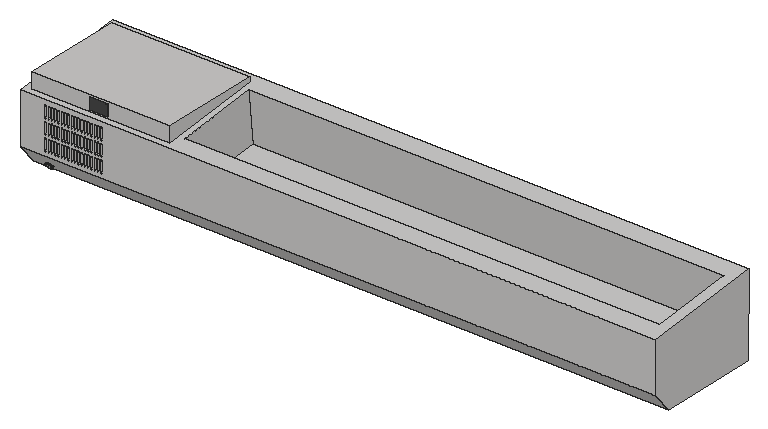
Revit family "QF_ELECTROLUXPROFESSIONAL_291215_ZVR1930H", category Specialty Equipment, Revit 2018
Family settings
  Round Connector Dimension = Use Diameter
  Part Type = Normal
  Work Plane-Based = No
  Always vertical = Yes
  Cut with Voids When Loaded = No
  Shared = No
  Room Calculation Point = No
Parameters (values of type "Standard")
  Weight = 44.00 kg
  Watts = 0 W
  Volts = 220 V
  URL Manufacturer = "http://professional.electrolux.com"
  URL = "http://professional.electrolux.com"
  Steam Supply Size = 0 mm
  Steam Supply Minimum Pressure = 0.0 Pa
  Steam Supply Maximum Pressure = 0.0 Pa
  Steam Pounds per Hour = 0
  Show Clearence [instance] = yes
  Refrigeration Suction Line Size = 0 mm
  Refrigeration Liquid Line Size = 0 mm
  Refrigerant Compressor Remote = yes
  Manufacturer = "Electrolux Professional"
  Phase = 1
  Model = "ZVR1930H"
  Length Actual = 1930 mm  # constant formula
  Item Number = "291215"
  Hot Water Size = 0 mm
  Height Actual = 250 mm  # constant formula
  HP = "0.3 HP"
  Gas Size = 0 mm
  Gas KW = 0
  Gas Input Pressure = 0 W
  Direct Waste Size = 0 mm
  Description = "BENCH TYPE REFRIGERATED SHOW CASE 1930MM R290"
  Depth Actual = 350 mm  # constant formula
  Cycle = 50 Hz
  Condensate Return Size = 0 mm
  Compressed Air Volume = 0.0 L/s
  Compressed Air Size = 0 mm
  Compressed Air Pressure = 0.0 Pa
  Cold Water Size = 0 mm
  Accessory = yes
Types (2, lengths in mm): name | URL | Manufacturer | Phase | Model | Description
  (no name) | 0 | 0 | 0 | 0 | 0
  Standard | "http://professional.electrolux.com" | "Electrolux Professional" | 1 | "ZVR1930H" | "BENCH TYPE REFRIGERATED SHOW CASE 1930MM R290"
Values of the unnamed type that differ from the named types
  Volts = 0 V
  URL Manufacturer = ""
  Item Number = ""
  Cycle = 0 Hz
Reference planes
  plane 1 "Front": y = 0
  plane 2: z = 0
  plane 3 "Centro (Sinistra/Destra)": x = 0
  plane 4 "LEFT": x = -870
  plane 5 "RIGHT": x = 870
  plane 6 "BACK": y = 350
  plane 7: z = 150
  plane 8: z = 800
  plane 9: z = 840
  plane 10: z = 1005
  plane 11 "Left": x = -890
  plane 12 "Right": x = 1040
  plane 13: y = -1005
  plane 14: z = 1266
  plane 15: z = 1255
  plane 16: y = 50
  plane 17: z = 1218
  plane 18: y = 324
  plane 19: y = 20
  plane 20: x = -452
  plane 21: x = -434
  plane 22: x = 1009
  plane 23: y = 314
  plane 24: x = -851
  plane 25: x = 1001
Forms (mm)
  Extrusion 1, solid, material "QF_Finishes_Stainless Steel"
    sketch origin (0, 0, 0) x (0, 1, 0) y (0, 0, 1)
      loop
        line (350, 1005) -> (350, 1255) -> (0, 1218) -> (0, 1064.588) -> (50, 1005) -> (350, 1005)
    from -890 to 1040
  Extrusion 2, void
    sketch origin (0, 349.805, 1254.979) x (0, 0.994459, 0.105128) y (1, 0, 0)
      loop
        line (-54.87, 1009) -> (-298.31, 1009) -> (-298.31, -434) -> (-54.87, -434) -> (-54.87, 1009)
    from 0 to 154
  Extrusion 3, solid, material "QF_Finishes_Stainless Steel"
    sketch origin (0, 0, 0) x (0, 1, 0) y (0, 0, 1)
      loop
        line (20, 1220.114) -> (324, 1252.251) -> (324, 1266) -> (20, 1266) -> (20, 1220.114)
    from -870 to -452
  Extrusion 4, solid, material "QF_Finishes_Stainless Steel"
    sketch origin (-41.117, 58.099, 995.348) x (0, -0.642788, 0.766044) y (-1, 0, 0)
      loop
        circle (32.613, 788.883) r 10
    from 0 to 5
  Extrusion 5, solid, material "QF_Finishes_Black"
    sketch origin (0, 20, 1220.114) x (0, 0, 1) y (-1, 0, 0)
      loop
        line (40.886, 694.5) -> (5.979, 694.5) -> (5.979, 639.5) -> (40.886, 639.5) -> (40.886, 694.5)
    from 0 to 2
  Extrusion 6, void
    sketch origin (0, 0, 1234.854) x (0, 0, 1) y (1, 0, 0)
      loop
        arc (-32.985, -814.899) -> (-29.86, -811.774) -> (-32.985, -808.649) r 3.125
        line (-32.985, -808.649) -> (-62.985, -808.649)
        arc (-62.985, -808.649) -> (-66.11, -811.774) -> (-62.985, -814.899) r 3.125
        line (-62.985, -814.899) -> (-32.985, -814.899)
      loop
        arc (-77.985, -814.899) -> (-74.86, -811.774) -> (-77.985, -808.649) r 3.125
        line (-77.985, -808.649) -> (-107.985, -808.649)
        arc (-107.985, -808.649) -> (-111.11, -811.774) -> (-107.985, -814.899) r 3.125
        line (-107.985, -814.899) -> (-77.985, -814.899)
      loop
        arc (-122.985, -814.899) -> (-119.86, -811.774) -> (-122.985, -808.649) r 3.125
        line (-122.985, -808.649) -> (-152.985, -808.649)
        arc (-152.985, -808.649) -> (-156.11, -811.774) -> (-152.985, -814.899) r 3.125
        line (-152.985, -814.899) -> (-122.985, -814.899)
      loop
        arc (-32.985, -804.899) -> (-29.86, -801.774) -> (-32.985, -798.649) r 3.125
        line (-32.985, -798.649) -> (-62.985, -798.649)
        arc (-62.985, -798.649) -> (-66.11, -801.774) -> (-62.985, -804.899) r 3.125
        line (-62.985, -804.899) -> (-32.985, -804.899)
      loop
        arc (-77.985, -804.899) -> (-74.86, -801.774) -> (-77.985, -798.649) r 3.125
        line (-77.985, -798.649) -> (-107.985, -798.649)
        arc (-107.985, -798.649) -> (-111.11, -801.774) -> (-107.985, -804.899) r 3.125
        line (-107.985, -804.899) -> (-77.985, -804.899)
      loop
        arc (-122.985, -804.899) -> (-119.86, -801.774) -> (-122.985, -798.649) r 3.125
        line (-122.985, -798.649) -> (-152.985, -798.649)
        arc (-152.985, -798.649) -> (-156.11, -801.774) -> (-152.985, -804.899) r 3.125
        line (-152.985, -804.899) -> (-122.985, -804.899)
      loop
        arc (-32.985, -794.899) -> (-29.86, -791.774) -> (-32.985, -788.649) r 3.125
        line (-32.985, -788.649) -> (-62.985, -788.649)
        arc (-62.985, -788.649) -> (-66.11, -791.774) -> (-62.985, -794.899) r 3.125
        line (-62.985, -794.899) -> (-32.985, -794.899)
      loop
        arc (-77.985, -794.899) -> (-74.86, -791.774) -> (-77.985, -788.649) r 3.125
        line (-77.985, -788.649) -> (-107.985, -788.649)
        arc (-107.985, -788.649) -> (-111.11, -791.774) -> (-107.985, -794.899) r 3.125
        line (-107.985, -794.899) -> (-77.985, -794.899)
      loop
        arc (-122.985, -794.899) -> (-119.86, -791.774) -> (-122.985, -788.649) r 3.125
        line (-122.985, -788.649) -> (-152.985, -788.649)
        arc (-152.985, -788.649) -> (-156.11, -791.774) -> (-152.985, -794.899) r 3.125
        line (-152.985, -794.899) -> (-122.985, -794.899)
      loop
        arc (-32.985, -784.899) -> (-29.86, -781.774) -> (-32.985, -778.649) r 3.125
        line (-32.985, -778.649) -> (-62.985, -778.649)
        arc (-62.985, -778.649) -> (-66.11, -781.774) -> (-62.985, -784.899) r 3.125
        line (-62.985, -784.899) -> (-32.985, -784.899)
      loop
        arc (-77.985, -784.899) -> (-74.86, -781.774) -> (-77.985, -778.649) r 3.125
        line (-77.985, -778.649) -> (-107.985, -778.649)
        arc (-107.985, -778.649) -> (-111.11, -781.774) -> (-107.985, -784.899) r 3.125
        line (-107.985, -784.899) -> (-77.985, -784.899)
      loop
        arc (-122.985, -784.899) -> (-119.86, -781.774) -> (-122.985, -778.649) r 3.125
        line (-122.985, -778.649) -> (-152.985, -778.649)
        arc (-152.985, -778.649) -> (-156.11, -781.774) -> (-152.985, -784.899) r 3.125
        line (-152.985, -784.899) -> (-122.985, -784.899)
      loop
        arc (-32.985, -774.899) -> (-29.86, -771.774) -> (-32.985, -768.649) r 3.125
        line (-32.985, -768.649) -> (-62.985, -768.649)
        arc (-62.985, -768.649) -> (-66.11, -771.774) -> (-62.985, -774.899) r 3.125
        line (-62.985, -774.899) -> (-32.985, -774.899)
      loop
        arc (-77.985, -774.899) -> (-74.86, -771.774) -> (-77.985, -768.649) r 3.125
        line (-77.985, -768.649) -> (-107.985, -768.649)
        arc (-107.985, -768.649) -> (-111.11, -771.774) -> (-107.985, -774.899) r 3.125
        line (-107.985, -774.899) -> (-77.985, -774.899)
      loop
        arc (-122.985, -774.899) -> (-119.86, -771.774) -> (-122.985, -768.649) r 3.125
        line (-122.985, -768.649) -> (-152.985, -768.649)
        arc (-152.985, -768.649) -> (-156.11, -771.774) -> (-152.985, -774.899) r 3.125
        line (-152.985, -774.899) -> (-122.985, -774.899)
      loop
        arc (-32.985, -764.899) -> (-29.86, -761.774) -> (-32.985, -758.649) r 3.125
        line (-32.985, -758.649) -> (-62.985, -758.649)
        arc (-62.985, -758.649) -> (-66.11, -761.774) -> (-62.985, -764.899) r 3.125
        line (-62.985, -764.899) -> (-32.985, -764.899)
      loop
        arc (-77.985, -764.899) -> (-74.86, -761.774) -> (-77.985, -758.649) r 3.125
        line (-77.985, -758.649) -> (-107.985, -758.649)
        arc (-107.985, -758.649) -> (-111.11, -761.774) -> (-107.985, -764.899) r 3.125
        line (-107.985, -764.899) -> (-77.985, -764.899)
      loop
        arc (-122.985, -764.899) -> (-119.86, -761.774) -> (-122.985, -758.649) r 3.125
        line (-122.985, -758.649) -> (-152.985, -758.649)
        arc (-152.985, -758.649) -> (-156.11, -761.774) -> (-152.985, -764.899) r 3.125
        line (-152.985, -764.899) -> (-122.985, -764.899)
      loop
        arc (-32.985, -754.899) -> (-29.86, -751.774) -> (-32.985, -748.649) r 3.125
        line (-32.985, -748.649) -> (-62.985, -748.649)
        arc (-62.985, -748.649) -> (-66.11, -751.774) -> (-62.985, -754.899) r 3.125
        line (-62.985, -754.899) -> (-32.985, -754.899)
      loop
        arc (-77.985, -754.899) -> (-74.86, -751.774) -> (-77.985, -748.649) r 3.125
        line (-77.985, -748.649) -> (-107.985, -748.649)
        arc (-107.985, -748.649) -> (-111.11, -751.774) -> (-107.985, -754.899) r 3.125
        line (-107.985, -754.899) -> (-77.985, -754.899)
      loop
        arc (-122.985, -754.899) -> (-119.86, -751.774) -> (-122.985, -748.649) r 3.125
        line (-122.985, -748.649) -> (-152.985, -748.649)
        arc (-152.985, -748.649) -> (-156.11, -751.774) -> (-152.985, -754.899) r 3.125
        line (-152.985, -754.899) -> (-122.985, -754.899)
      loop
        arc (-32.985, -744.899) -> (-29.86, -741.774) -> (-32.985, -738.649) r 3.125
        line (-32.985, -738.649) -> (-62.985, -738.649)
        arc (-62.985, -738.649) -> (-66.11, -741.774) -> (-62.985, -744.899) r 3.125
        line (-62.985, -744.899) -> (-32.985, -744.899)
      loop
        arc (-77.985, -744.899) -> (-74.86, -741.774) -> (-77.985, -738.649) r 3.125
        line (-77.985, -738.649) -> (-107.985, -738.649)
        arc (-107.985, -738.649) -> (-111.11, -741.774) -> (-107.985, -744.899) r 3.125
        line (-107.985, -744.899) -> (-77.985, -744.899)
      loop
        arc (-122.985, -744.899) -> (-119.86, -741.774) -> (-122.985, -738.649) r 3.125
        line (-122.985, -738.649) -> (-152.985, -738.649)
        arc (-152.985, -738.649) -> (-156.11, -741.774) -> (-152.985, -744.899) r 3.125
        line (-152.985, -744.899) -> (-122.985, -744.899)
      loop
        arc (-32.985, -734.899) -> (-29.86, -731.774) -> (-32.985, -728.649) r 3.125
        line (-32.985, -728.649) -> (-62.985, -728.649)
        arc (-62.985, -728.649) -> (-66.11, -731.774) -> (-62.985, -734.899) r 3.125
        line (-62.985, -734.899) -> (-32.985, -734.899)
      loop
        arc (-77.985, -734.899) -> (-74.86, -731.774) -> (-77.985, -728.649) r 3.125
        line (-77.985, -728.649) -> (-107.985, -728.649)
        arc (-107.985, -728.649) -> (-111.11, -731.774) -> (-107.985, -734.899) r 3.125
        line (-107.985, -734.899) -> (-77.985, -734.899)
      loop
        arc (-122.985, -734.899) -> (-119.86, -731.774) -> (-122.985, -728.649) r 3.125
        line (-122.985, -728.649) -> (-152.985, -728.649)
        arc (-152.985, -728.649) -> (-156.11, -731.774) -> (-152.985, -734.899) r 3.125
        line (-152.985, -734.899) -> (-122.985, -734.899)
      loop
        arc (-32.985, -724.899) -> (-29.86, -721.774) -> (-32.985, -718.649) r 3.125
        line (-32.985, -718.649) -> (-62.985, -718.649)
        arc (-62.985, -718.649) -> (-66.11, -721.774) -> (-62.985, -724.899) r 3.125
        line (-62.985, -724.899) -> (-32.985, -724.899)
      loop
        arc (-77.985, -724.899) -> (-74.86, -721.774) -> (-77.985, -718.649) r 3.125
        line (-77.985, -718.649) -> (-107.985, -718.649)
        arc (-107.985, -718.649) -> (-111.11, -721.774) -> (-107.985, -724.899) r 3.125
        line (-107.985, -724.899) -> (-77.985, -724.899)
      loop
        arc (-122.985, -724.899) -> (-119.86, -721.774) -> (-122.985, -718.649) r 3.125
        line (-122.985, -718.649) -> (-152.985, -718.649)
        arc (-152.985, -718.649) -> (-156.11, -721.774) -> (-152.985, -724.899) r 3.125
        line (-152.985, -724.899) -> (-122.985, -724.899)
      loop
        arc (-32.985, -714.899) -> (-29.86, -711.774) -> (-32.985, -708.649) r 3.125
        line (-32.985, -708.649) -> (-62.985, -708.649)
        arc (-62.985, -708.649) -> (-66.11, -711.774) -> (-62.985, -714.899) r 3.125
        line (-62.985, -714.899) -> (-32.985, -714.899)
      loop
        arc (-77.985, -714.899) -> (-74.86, -711.774) -> (-77.985, -708.649) r 3.125
        line (-77.985, -708.649) -> (-107.985, -708.649)
        arc (-107.985, -708.649) -> (-111.11, -711.774) -> (-107.985, -714.899) r 3.125
        line (-107.985, -714.899) -> (-77.985, -714.899)
      loop
        arc (-122.985, -714.899) -> (-119.86, -711.774) -> (-122.985, -708.649) r 3.125
        line (-122.985, -708.649) -> (-152.985, -708.649)
        arc (-152.985, -708.649) -> (-156.11, -711.774) -> (-152.985, -714.899) r 3.125
        line (-152.985, -714.899) -> (-122.985, -714.899)
      loop
        arc (-32.985, -704.899) -> (-29.86, -701.774) -> (-32.985, -698.649) r 3.125
        line (-32.985, -698.649) -> (-62.985, -698.649)
        arc (-62.985, -698.649) -> (-66.11, -701.774) -> (-62.985, -704.899) r 3.125
        line (-62.985, -704.899) -> (-32.985, -704.899)
      loop
        arc (-77.985, -704.899) -> (-74.86, -701.774) -> (-77.985, -698.649) r 3.125
        line (-77.985, -698.649) -> (-107.985, -698.649)
        arc (-107.985, -698.649) -> (-111.11, -701.774) -> (-107.985, -704.899) r 3.125
        line (-107.985, -704.899) -> (-77.985, -704.899)
      loop
        arc (-122.985, -704.899) -> (-119.86, -701.774) -> (-122.985, -698.649) r 3.125
        line (-122.985, -698.649) -> (-152.985, -698.649)
        arc (-152.985, -698.649) -> (-156.11, -701.774) -> (-152.985, -704.899) r 3.125
        line (-152.985, -704.899) -> (-122.985, -704.899)
      loop
        arc (-32.985, -694.899) -> (-29.86, -691.774) -> (-32.985, -688.649) r 3.125
        line (-32.985, -688.649) -> (-62.985, -688.649)
        arc (-62.985, -688.649) -> (-66.11, -691.774) -> (-62.985, -694.899) r 3.125
        line (-62.985, -694.899) -> (-32.985, -694.899)
      loop
        arc (-77.985, -694.899) -> (-74.86, -691.774) -> (-77.985, -688.649) r 3.125
        line (-77.985, -688.649) -> (-107.985, -688.649)
        arc (-107.985, -688.649) -> (-111.11, -691.774) -> (-107.985, -694.899) r 3.125
        line (-107.985, -694.899) -> (-77.985, -694.899)
      loop
        arc (-122.985, -694.899) -> (-119.86, -691.774) -> (-122.985, -688.649) r 3.125
        line (-122.985, -688.649) -> (-152.985, -688.649)
        arc (-152.985, -688.649) -> (-156.11, -691.774) -> (-152.985, -694.899) r 3.125
        line (-152.985, -694.899) -> (-122.985, -694.899)
      loop
        arc (-32.985, -684.899) -> (-29.86, -681.774) -> (-32.985, -678.649) r 3.125
        line (-32.985, -678.649) -> (-62.985, -678.649)
        arc (-62.985, -678.649) -> (-66.11, -681.774) -> (-62.985, -684.899) r 3.125
        line (-62.985, -684.899) -> (-32.985, -684.899)
      loop
        arc (-77.985, -684.899) -> (-74.86, -681.774) -> (-77.985, -678.649) r 3.125
        line (-77.985, -678.649) -> (-107.985, -678.649)
        arc (-107.985, -678.649) -> (-111.11, -681.774) -> (-107.985, -684.899) r 3.125
        line (-107.985, -684.899) -> (-77.985, -684.899)
      loop
        arc (-122.985, -684.899) -> (-119.86, -681.774) -> (-122.985, -678.649) r 3.125
        line (-122.985, -678.649) -> (-152.985, -678.649)
        arc (-152.985, -678.649) -> (-156.11, -681.774) -> (-152.985, -684.899) r 3.125
        line (-152.985, -684.899) -> (-122.985, -684.899)
      loop
        arc (-32.985, -674.899) -> (-29.86, -671.774) -> (-32.985, -668.649) r 3.125
        line (-32.985, -668.649) -> (-62.985, -668.649)
        arc (-62.985, -668.649) -> (-66.11, -671.774) -> (-62.985, -674.899) r 3.125
        line (-62.985, -674.899) -> (-32.985, -674.899)
      loop
        arc (-77.985, -674.899) -> (-74.86, -671.774) -> (-77.985, -668.649) r 3.125
        line (-77.985, -668.649) -> (-107.985, -668.649)
        arc (-107.985, -668.649) -> (-111.11, -671.774) -> (-107.985, -674.899) r 3.125
        line (-107.985, -674.899) -> (-77.985, -674.899)
      loop
        arc (-122.985, -674.899) -> (-119.86, -671.774) -> (-122.985, -668.649) r 3.125
        line (-122.985, -668.649) -> (-152.985, -668.649)
        arc (-152.985, -668.649) -> (-156.11, -671.774) -> (-152.985, -674.899) r 3.125
        line (-152.985, -674.899) -> (-122.985, -674.899)
      loop
        arc (-32.985, -664.899) -> (-29.86, -661.774) -> (-32.985, -658.649) r 3.125
        line (-32.985, -658.649) -> (-62.985, -658.649)
        arc (-62.985, -658.649) -> (-66.11, -661.774) -> (-62.985, -664.899) r 3.125
        line (-62.985, -664.899) -> (-32.985, -664.899)
      loop
        arc (-77.985, -664.899) -> (-74.86, -661.774) -> (-77.985, -658.649) r 3.125
        line (-77.985, -658.649) -> (-107.985, -658.649)
        arc (-107.985, -658.649) -> (-111.11, -661.774) -> (-107.985, -664.899) r 3.125
        line (-107.985, -664.899) -> (-77.985, -664.899)
      loop
        arc (-122.985, -664.899) -> (-119.86, -661.774) -> (-122.985, -658.649) r 3.125
        line (-122.985, -658.649) -> (-152.985, -658.649)
        arc (-152.985, -658.649) -> (-156.11, -661.774) -> (-152.985, -664.899) r 3.125
        line (-152.985, -664.899) -> (-122.985, -664.899)
      loop
        arc (-32.985, -654.899) -> (-29.86, -651.774) -> (-32.985, -648.649) r 3.125
        line (-32.985, -648.649) -> (-62.985, -648.649)
        arc (-62.985, -648.649) -> (-66.11, -651.774) -> (-62.985, -654.899) r 3.125
        line (-62.985, -654.899) -> (-32.985, -654.899)
      loop
        arc (-77.985, -654.899) -> (-74.86, -651.774) -> (-77.985, -648.649) r 3.125
        line (-77.985, -648.649) -> (-107.985, -648.649)
        arc (-107.985, -648.649) -> (-111.11, -651.774) -> (-107.985, -654.899) r 3.125
        line (-107.985, -654.899) -> (-77.985, -654.899)
      loop
        arc (-122.985, -654.899) -> (-119.86, -651.774) -> (-122.985, -648.649) r 3.125
        line (-122.985, -648.649) -> (-152.985, -648.649)
        arc (-152.985, -648.649) -> (-156.11, -651.774) -> (-152.985, -654.899) r 3.125
        line (-152.985, -654.899) -> (-122.985, -654.899)
      loop
        arc (-32.985, -644.899) -> (-29.86, -641.774) -> (-32.985, -638.649) r 3.125
        line (-32.985, -638.649) -> (-62.985, -638.649)
        arc (-62.985, -638.649) -> (-66.11, -641.774) -> (-62.985, -644.899) r 3.125
        line (-62.985, -644.899) -> (-32.985, -644.899)
      loop
        arc (-77.985, -644.899) -> (-74.86, -641.774) -> (-77.985, -638.649) r 3.125
        line (-77.985, -638.649) -> (-107.985, -638.649)
        arc (-107.985, -638.649) -> (-111.11, -641.774) -> (-107.985, -644.899) r 3.125
        line (-107.985, -644.899) -> (-77.985, -644.899)
      loop
        arc (-122.985, -644.899) -> (-119.86, -641.774) -> (-122.985, -638.649) r 3.125
        line (-122.985, -638.649) -> (-152.985, -638.649)
        arc (-152.985, -638.649) -> (-156.11, -641.774) -> (-152.985, -644.899) r 3.125
        line (-152.985, -644.899) -> (-122.985, -644.899)
    from 0 to 5
  Extrusion 7, void
    sketch origin (-890, -490.899, 1244.854) x (0, 0, 1) y (0, -1, 0)
      loop
        arc (-22.985, -814.899) -> (-19.86, -811.774) -> (-22.985, -808.649) r 3.125
        line (-22.985, -808.649) -> (-52.985, -808.649)
        arc (-52.985, -808.649) -> (-56.11, -811.774) -> (-52.985, -814.899) r 3.125
        line (-52.985, -814.899) -> (-22.985, -814.899)
      loop
        arc (-67.985, -814.899) -> (-64.86, -811.774) -> (-67.985, -808.649) r 3.125
        line (-67.985, -808.649) -> (-97.985, -808.649)
        arc (-97.985, -808.649) -> (-101.11, -811.774) -> (-97.985, -814.899) r 3.125
        line (-97.985, -814.899) -> (-67.985, -814.899)
      loop
        arc (-112.985, -814.899) -> (-109.86, -811.774) -> (-112.985, -808.649) r 3.125
        line (-112.985, -808.649) -> (-142.985, -808.649)
        arc (-142.985, -808.649) -> (-146.11, -811.774) -> (-142.985, -814.899) r 3.125
        line (-142.985, -814.899) -> (-112.985, -814.899)
      loop
        arc (-22.985, -804.899) -> (-19.86, -801.774) -> (-22.985, -798.649) r 3.125
        line (-22.985, -798.649) -> (-52.985, -798.649)
        arc (-52.985, -798.649) -> (-56.11, -801.774) -> (-52.985, -804.899) r 3.125
        line (-52.985, -804.899) -> (-22.985, -804.899)
      loop
        arc (-67.985, -804.899) -> (-64.86, -801.774) -> (-67.985, -798.649) r 3.125
        line (-67.985, -798.649) -> (-97.985, -798.649)
        arc (-97.985, -798.649) -> (-101.11, -801.774) -> (-97.985, -804.899) r 3.125
        line (-97.985, -804.899) -> (-67.985, -804.899)
      loop
        arc (-112.985, -804.899) -> (-109.86, -801.774) -> (-112.985, -798.649) r 3.125
        line (-112.985, -798.649) -> (-142.985, -798.649)
        arc (-142.985, -798.649) -> (-146.11, -801.774) -> (-142.985, -804.899) r 3.125
        line (-142.985, -804.899) -> (-112.985, -804.899)
      loop
        arc (-22.985, -794.899) -> (-19.86, -791.774) -> (-22.985, -788.649) r 3.125
        line (-22.985, -788.649) -> (-52.985, -788.649)
        arc (-52.985, -788.649) -> (-56.11, -791.774) -> (-52.985, -794.899) r 3.125
        line (-52.985, -794.899) -> (-22.985, -794.899)
      loop
        arc (-67.985, -794.899) -> (-64.86, -791.774) -> (-67.985, -788.649) r 3.125
        line (-67.985, -788.649) -> (-97.985, -788.649)
        arc (-97.985, -788.649) -> (-101.11, -791.774) -> (-97.985, -794.899) r 3.125
        line (-97.985, -794.899) -> (-67.985, -794.899)
      loop
        arc (-112.985, -794.899) -> (-109.86, -791.774) -> (-112.985, -788.649) r 3.125
        line (-112.985, -788.649) -> (-142.985, -788.649)
        arc (-142.985, -788.649) -> (-146.11, -791.774) -> (-142.985, -794.899) r 3.125
        line (-142.985, -794.899) -> (-112.985, -794.899)
      loop
        arc (-22.985, -784.899) -> (-19.86, -781.774) -> (-22.985, -778.649) r 3.125
        line (-22.985, -778.649) -> (-52.985, -778.649)
        arc (-52.985, -778.649) -> (-56.11, -781.774) -> (-52.985, -784.899) r 3.125
        line (-52.985, -784.899) -> (-22.985, -784.899)
      loop
        arc (-67.985, -784.899) -> (-64.86, -781.774) -> (-67.985, -778.649) r 3.125
        line (-67.985, -778.649) -> (-97.985, -778.649)
        arc (-97.985, -778.649) -> (-101.11, -781.774) -> (-97.985, -784.899) r 3.125
        line (-97.985, -784.899) -> (-67.985, -784.899)
      loop
        arc (-112.985, -784.899) -> (-109.86, -781.774) -> (-112.985, -778.649) r 3.125
        line (-112.985, -778.649) -> (-142.985, -778.649)
        arc (-142.985, -778.649) -> (-146.11, -781.774) -> (-142.985, -784.899) r 3.125
        line (-142.985, -784.899) -> (-112.985, -784.899)
      loop
        arc (-22.985, -774.899) -> (-19.86, -771.774) -> (-22.985, -768.649) r 3.125
        line (-22.985, -768.649) -> (-52.985, -768.649)
        arc (-52.985, -768.649) -> (-56.11, -771.774) -> (-52.985, -774.899) r 3.125
        line (-52.985, -774.899) -> (-22.985, -774.899)
      loop
        arc (-67.985, -774.899) -> (-64.86, -771.774) -> (-67.985, -768.649) r 3.125
        line (-67.985, -768.649) -> (-97.985, -768.649)
        arc (-97.985, -768.649) -> (-101.11, -771.774) -> (-97.985, -774.899) r 3.125
        line (-97.985, -774.899) -> (-67.985, -774.899)
      loop
        arc (-112.985, -774.899) -> (-109.86, -771.774) -> (-112.985, -768.649) r 3.125
        line (-112.985, -768.649) -> (-142.985, -768.649)
        arc (-142.985, -768.649) -> (-146.11, -771.774) -> (-142.985, -774.899) r 3.125
        line (-142.985, -774.899) -> (-112.985, -774.899)
      loop
        arc (-67.985, -764.899) -> (-64.86, -761.774) -> (-67.985, -758.649) r 3.125
        line (-67.985, -758.649) -> (-97.985, -758.649)
        arc (-97.985, -758.649) -> (-101.11, -761.774) -> (-97.985, -764.899) r 3.125
        line (-97.985, -764.899) -> (-67.985, -764.899)
      loop
        arc (-112.985, -764.899) -> (-109.86, -761.774) -> (-112.985, -758.649) r 3.125
        line (-112.985, -758.649) -> (-142.985, -758.649)
        arc (-142.985, -758.649) -> (-146.11, -761.774) -> (-142.985, -764.899) r 3.125
        line (-142.985, -764.899) -> (-112.985, -764.899)
      loop
        arc (-22.985, -754.899) -> (-19.86, -751.774) -> (-22.985, -748.649) r 3.125
        line (-22.985, -748.649) -> (-52.985, -748.649)
        arc (-52.985, -748.649) -> (-56.11, -751.774) -> (-52.985, -754.899) r 3.125
        line (-52.985, -754.899) -> (-22.985, -754.899)
      loop
        arc (-67.985, -754.899) -> (-64.86, -751.774) -> (-67.985, -748.649) r 3.125
        line (-67.985, -748.649) -> (-97.985, -748.649)
        arc (-97.985, -748.649) -> (-101.11, -751.774) -> (-97.985, -754.899) r 3.125
        line (-97.985, -754.899) -> (-67.985, -754.899)
      loop
        arc (-112.985, -754.899) -> (-109.86, -751.774) -> (-112.985, -748.649) r 3.125
        line (-112.985, -748.649) -> (-142.985, -748.649)
        arc (-142.985, -748.649) -> (-146.11, -751.774) -> (-142.985, -754.899) r 3.125
        line (-142.985, -754.899) -> (-112.985, -754.899)
      loop
        arc (-22.985, -744.899) -> (-19.86, -741.774) -> (-22.985, -738.649) r 3.125
        line (-22.985, -738.649) -> (-52.985, -738.649)
        arc (-52.985, -738.649) -> (-56.11, -741.774) -> (-52.985, -744.899) r 3.125
        line (-52.985, -744.899) -> (-22.985, -744.899)
      loop
        arc (-67.985, -744.899) -> (-64.86, -741.774) -> (-67.985, -738.649) r 3.125
        line (-67.985, -738.649) -> (-97.985, -738.649)
        arc (-97.985, -738.649) -> (-101.11, -741.774) -> (-97.985, -744.899) r 3.125
        line (-97.985, -744.899) -> (-67.985, -744.899)
      loop
        arc (-112.985, -744.899) -> (-109.86, -741.774) -> (-112.985, -738.649) r 3.125
        line (-112.985, -738.649) -> (-142.985, -738.649)
        arc (-142.985, -738.649) -> (-146.11, -741.774) -> (-142.985, -744.899) r 3.125
        line (-142.985, -744.899) -> (-112.985, -744.899)
      loop
        arc (-22.985, -734.899) -> (-19.86, -731.774) -> (-22.985, -728.649) r 3.125
        line (-22.985, -728.649) -> (-52.985, -728.649)
        arc (-52.985, -728.649) -> (-56.11, -731.774) -> (-52.985, -734.899) r 3.125
        line (-52.985, -734.899) -> (-22.985, -734.899)
      loop
        arc (-67.985, -734.899) -> (-64.86, -731.774) -> (-67.985, -728.649) r 3.125
        line (-67.985, -728.649) -> (-97.985, -728.649)
        arc (-97.985, -728.649) -> (-101.11, -731.774) -> (-97.985, -734.899) r 3.125
        line (-97.985, -734.899) -> (-67.985, -734.899)
      loop
        arc (-112.985, -734.899) -> (-109.86, -731.774) -> (-112.985, -728.649) r 3.125
        line (-112.985, -728.649) -> (-142.985, -728.649)
        arc (-142.985, -728.649) -> (-146.11, -731.774) -> (-142.985, -734.899) r 3.125
        line (-142.985, -734.899) -> (-112.985, -734.899)
      loop
        arc (-22.985, -724.899) -> (-19.86, -721.774) -> (-22.985, -718.649) r 3.125
        line (-22.985, -718.649) -> (-52.985, -718.649)
        arc (-52.985, -718.649) -> (-56.11, -721.774) -> (-52.985, -724.899) r 3.125
        line (-52.985, -724.899) -> (-22.985, -724.899)
      loop
        arc (-67.985, -724.899) -> (-64.86, -721.774) -> (-67.985, -718.649) r 3.125
        line (-67.985, -718.649) -> (-97.985, -718.649)
        arc (-97.985, -718.649) -> (-101.11, -721.774) -> (-97.985, -724.899) r 3.125
        line (-97.985, -724.899) -> (-67.985, -724.899)
      loop
        arc (-112.985, -724.899) -> (-109.86, -721.774) -> (-112.985, -718.649) r 3.125
        line (-112.985, -718.649) -> (-142.985, -718.649)
        arc (-142.985, -718.649) -> (-146.11, -721.774) -> (-142.985, -724.899) r 3.125
        line (-142.985, -724.899) -> (-112.985, -724.899)
      loop
        arc (-22.985, -714.899) -> (-19.86, -711.774) -> (-22.985, -708.649) r 3.125
        line (-22.985, -708.649) -> (-52.985, -708.649)
        arc (-52.985, -708.649) -> (-56.11, -711.774) -> (-52.985, -714.899) r 3.125
        line (-52.985, -714.899) -> (-22.985, -714.899)
      loop
        arc (-67.985, -714.899) -> (-64.86, -711.774) -> (-67.985, -708.649) r 3.125
        line (-67.985, -708.649) -> (-97.985, -708.649)
        arc (-97.985, -708.649) -> (-101.11, -711.774) -> (-97.985, -714.899) r 3.125
        line (-97.985, -714.899) -> (-67.985, -714.899)
      loop
        arc (-112.985, -714.899) -> (-109.86, -711.774) -> (-112.985, -708.649) r 3.125
        line (-112.985, -708.649) -> (-142.985, -708.649)
        arc (-142.985, -708.649) -> (-146.11, -711.774) -> (-142.985, -714.899) r 3.125
        line (-142.985, -714.899) -> (-112.985, -714.899)
      loop
        arc (-22.985, -704.899) -> (-19.86, -701.774) -> (-22.985, -698.649) r 3.125
        line (-22.985, -698.649) -> (-52.985, -698.649)
        arc (-52.985, -698.649) -> (-56.11, -701.774) -> (-52.985, -704.899) r 3.125
        line (-52.985, -704.899) -> (-22.985, -704.899)
      loop
        arc (-67.985, -704.899) -> (-64.86, -701.774) -> (-67.985, -698.649) r 3.125
        line (-67.985, -698.649) -> (-97.985, -698.649)
        arc (-97.985, -698.649) -> (-101.11, -701.774) -> (-97.985, -704.899) r 3.125
        line (-97.985, -704.899) -> (-67.985, -704.899)
      loop
        arc (-112.985, -704.899) -> (-109.86, -701.774) -> (-112.985, -698.649) r 3.125
        line (-112.985, -698.649) -> (-142.985, -698.649)
        arc (-142.985, -698.649) -> (-146.11, -701.774) -> (-142.985, -704.899) r 3.125
        line (-142.985, -704.899) -> (-112.985, -704.899)
      loop
        arc (-22.985, -694.899) -> (-19.86, -691.774) -> (-22.985, -688.649) r 3.125
        line (-22.985, -688.649) -> (-52.985, -688.649)
        arc (-52.985, -688.649) -> (-56.11, -691.774) -> (-52.985, -694.899) r 3.125
        line (-52.985, -694.899) -> (-22.985, -694.899)
      loop
        arc (-67.985, -694.899) -> (-64.86, -691.774) -> (-67.985, -688.649) r 3.125
        line (-67.985, -688.649) -> (-97.985, -688.649)
        arc (-97.985, -688.649) -> (-101.11, -691.774) -> (-97.985, -694.899) r 3.125
        line (-97.985, -694.899) -> (-67.985, -694.899)
      loop
        arc (-112.985, -694.899) -> (-109.86, -691.774) -> (-112.985, -688.649) r 3.125
        line (-112.985, -688.649) -> (-142.985, -688.649)
        arc (-142.985, -688.649) -> (-146.11, -691.774) -> (-142.985, -694.899) r 3.125
        line (-142.985, -694.899) -> (-112.985, -694.899)
      loop
        arc (-22.985, -684.899) -> (-19.86, -681.774) -> (-22.985, -678.649) r 3.125
        line (-22.985, -678.649) -> (-52.985, -678.649)
        arc (-52.985, -678.649) -> (-56.11, -681.774) -> (-52.985, -684.899) r 3.125
        line (-52.985, -684.899) -> (-22.985, -684.899)
      loop
        arc (-67.985, -684.899) -> (-64.86, -681.774) -> (-67.985, -678.649) r 3.125
        line (-67.985, -678.649) -> (-97.985, -678.649)
        arc (-97.985, -678.649) -> (-101.11, -681.774) -> (-97.985, -684.899) r 3.125
        line (-97.985, -684.899) -> (-67.985, -684.899)
      loop
        arc (-112.985, -684.899) -> (-109.86, -681.774) -> (-112.985, -678.649) r 3.125
        line (-112.985, -678.649) -> (-142.985, -678.649)
        arc (-142.985, -678.649) -> (-146.11, -681.774) -> (-142.985, -684.899) r 3.125
        line (-142.985, -684.899) -> (-112.985, -684.899)
      loop
        arc (-22.985, -674.899) -> (-19.86, -671.774) -> (-22.985, -668.649) r 3.125
        line (-22.985, -668.649) -> (-52.985, -668.649)
        arc (-52.985, -668.649) -> (-56.11, -671.774) -> (-52.985, -674.899) r 3.125
        line (-52.985, -674.899) -> (-22.985, -674.899)
      loop
        arc (-67.985, -674.899) -> (-64.86, -671.774) -> (-67.985, -668.649) r 3.125
        line (-67.985, -668.649) -> (-97.985, -668.649)
        arc (-97.985, -668.649) -> (-101.11, -671.774) -> (-97.985, -674.899) r 3.125
        line (-97.985, -674.899) -> (-67.985, -674.899)
      loop
        arc (-112.985, -674.899) -> (-109.86, -671.774) -> (-112.985, -668.649) r 3.125
        line (-112.985, -668.649) -> (-142.985, -668.649)
        arc (-142.985, -668.649) -> (-146.11, -671.774) -> (-142.985, -674.899) r 3.125
        line (-142.985, -674.899) -> (-112.985, -674.899)
      loop
        arc (-22.985, -664.899) -> (-19.86, -661.774) -> (-22.985, -658.649) r 3.125
        line (-22.985, -658.649) -> (-52.985, -658.649)
        arc (-52.985, -658.649) -> (-56.11, -661.774) -> (-52.985, -664.899) r 3.125
        line (-52.985, -664.899) -> (-22.985, -664.899)
      loop
        arc (-67.985, -664.899) -> (-64.86, -661.774) -> (-67.985, -658.649) r 3.125
        line (-67.985, -658.649) -> (-97.985, -658.649)
        arc (-97.985, -658.649) -> (-101.11, -661.774) -> (-97.985, -664.899) r 3.125
        line (-97.985, -664.899) -> (-67.985, -664.899)
      loop
        arc (-112.985, -664.899) -> (-109.86, -661.774) -> (-112.985, -658.649) r 3.125
        line (-112.985, -658.649) -> (-142.985, -658.649)
        arc (-142.985, -658.649) -> (-146.11, -661.774) -> (-142.985, -664.899) r 3.125
        line (-142.985, -664.899) -> (-112.985, -664.899)
      loop
        arc (-22.985, -654.899) -> (-19.86, -651.774) -> (-22.985, -648.649) r 3.125
        line (-22.985, -648.649) -> (-52.985, -648.649)
        arc (-52.985, -648.649) -> (-56.11, -651.774) -> (-52.985, -654.899) r 3.125
        line (-52.985, -654.899) -> (-22.985, -654.899)
      loop
        arc (-67.985, -654.899) -> (-64.86, -651.774) -> (-67.985, -648.649) r 3.125
        line (-67.985, -648.649) -> (-97.985, -648.649)
        arc (-97.985, -648.649) -> (-101.11, -651.774) -> (-97.985, -654.899) r 3.125
        line (-97.985, -654.899) -> (-67.985, -654.899)
      loop
        arc (-112.985, -654.899) -> (-109.86, -651.774) -> (-112.985, -648.649) r 3.125
        line (-112.985, -648.649) -> (-142.985, -648.649)
        arc (-142.985, -648.649) -> (-146.11, -651.774) -> (-142.985, -654.899) r 3.125
        line (-142.985, -654.899) -> (-112.985, -654.899)
      loop
        arc (-22.985, -644.899) -> (-19.86, -641.774) -> (-22.985, -638.649) r 3.125
        line (-22.985, -638.649) -> (-52.985, -638.649)
        arc (-52.985, -638.649) -> (-56.11, -641.774) -> (-52.985, -644.899) r 3.125
        line (-52.985, -644.899) -> (-22.985, -644.899)
      loop
        arc (-67.985, -644.899) -> (-64.86, -641.774) -> (-67.985, -638.649) r 3.125
        line (-67.985, -638.649) -> (-97.985, -638.649)
        arc (-97.985, -638.649) -> (-101.11, -641.774) -> (-97.985, -644.899) r 3.125
        line (-97.985, -644.899) -> (-67.985, -644.899)
      loop
        arc (-112.985, -644.899) -> (-109.86, -641.774) -> (-112.985, -638.649) r 3.125
        line (-112.985, -638.649) -> (-142.985, -638.649)
        arc (-142.985, -638.649) -> (-146.11, -641.774) -> (-142.985, -644.899) r 3.125
        line (-142.985, -644.899) -> (-112.985, -644.899)
      loop
        arc (-22.985, -764.899) -> (-19.86, -761.774) -> (-22.985, -758.649) r 3.125
        line (-22.985, -758.649) -> (-52.985, -758.649)
        arc (-52.985, -758.649) -> (-56.11, -761.774) -> (-52.985, -764.899) r 3.125
        line (-52.985, -764.899) -> (-22.985, -764.899)
      loop
        arc (-157.985, -814.899) -> (-154.86, -811.774) -> (-157.985, -808.649) r 3.125
        line (-157.985, -808.649) -> (-187.985, -808.649)
        arc (-187.985, -808.649) -> (-191.11, -811.774) -> (-187.985, -814.899) r 3.125
        line (-187.985, -814.899) -> (-157.985, -814.899)
      loop
        arc (-202.985, -814.899) -> (-199.86, -811.774) -> (-202.985, -808.649) r 3.125
        line (-202.985, -808.649) -> (-232.985, -808.649)
        arc (-232.985, -808.649) -> (-236.11, -811.774) -> (-232.985, -814.899) r 3.125
        line (-232.985, -814.899) -> (-202.985, -814.899)
      loop
        arc (-157.985, -804.899) -> (-154.86, -801.774) -> (-157.985, -798.649) r 3.125
        line (-157.985, -798.649) -> (-187.985, -798.649)
        arc (-187.985, -798.649) -> (-191.11, -801.774) -> (-187.985, -804.899) r 3.125
        line (-187.985, -804.899) -> (-157.985, -804.899)
      loop
        arc (-202.985, -804.899) -> (-199.86, -801.774) -> (-202.985, -798.649) r 3.125
        line (-202.985, -798.649) -> (-232.985, -798.649)
        arc (-232.985, -798.649) -> (-236.11, -801.774) -> (-232.985, -804.899) r 3.125
        line (-232.985, -804.899) -> (-202.985, -804.899)
      loop
        arc (-157.985, -794.899) -> (-154.86, -791.774) -> (-157.985, -788.649) r 3.125
        line (-157.985, -788.649) -> (-187.985, -788.649)
        arc (-187.985, -788.649) -> (-191.11, -791.774) -> (-187.985, -794.899) r 3.125
        line (-187.985, -794.899) -> (-157.985, -794.899)
      loop
        arc (-202.985, -794.899) -> (-199.86, -791.774) -> (-202.985, -788.649) r 3.125
        line (-202.985, -788.649) -> (-232.985, -788.649)
        arc (-232.985, -788.649) -> (-236.11, -791.774) -> (-232.985, -794.899) r 3.125
        line (-232.985, -794.899) -> (-202.985, -794.899)
      loop
        arc (-157.985, -784.899) -> (-154.86, -781.774) -> (-157.985, -778.649) r 3.125
        line (-157.985, -778.649) -> (-187.985, -778.649)
        arc (-187.985, -778.649) -> (-191.11, -781.774) -> (-187.985, -784.899) r 3.125
        line (-187.985, -784.899) -> (-157.985, -784.899)
      loop
        arc (-202.985, -784.899) -> (-199.86, -781.774) -> (-202.985, -778.649) r 3.125
        line (-202.985, -778.649) -> (-232.985, -778.649)
        arc (-232.985, -778.649) -> (-236.11, -781.774) -> (-232.985, -784.899) r 3.125
        line (-232.985, -784.899) -> (-202.985, -784.899)
      loop
        arc (-157.985, -774.899) -> (-154.86, -771.774) -> (-157.985, -768.649) r 3.125
        line (-157.985, -768.649) -> (-187.985, -768.649)
        arc (-187.985, -768.649) -> (-191.11, -771.774) -> (-187.985, -774.899) r 3.125
        line (-187.985, -774.899) -> (-157.985, -774.899)
      loop
        arc (-202.985, -774.899) -> (-199.86, -771.774) -> (-202.985, -768.649) r 3.125
        line (-202.985, -768.649) -> (-232.985, -768.649)
        arc (-232.985, -768.649) -> (-236.11, -771.774) -> (-232.985, -774.899) r 3.125
        line (-232.985, -774.899) -> (-202.985, -774.899)
      loop
        arc (-157.985, -764.899) -> (-154.86, -761.774) -> (-157.985, -758.649) r 3.125
        line (-157.985, -758.649) -> (-187.985, -758.649)
        arc (-187.985, -758.649) -> (-191.11, -761.774) -> (-187.985, -764.899) r 3.125
        line (-187.985, -764.899) -> (-157.985, -764.899)
      loop
        arc (-202.985, -764.899) -> (-199.86, -761.774) -> (-202.985, -758.649) r 3.125
        line (-202.985, -758.649) -> (-232.985, -758.649)
        arc (-232.985, -758.649) -> (-236.11, -761.774) -> (-232.985, -764.899) r 3.125
        line (-232.985, -764.899) -> (-202.985, -764.899)
      loop
        arc (-157.985, -754.899) -> (-154.86, -751.774) -> (-157.985, -748.649) r 3.125
        line (-157.985, -748.649) -> (-187.985, -748.649)
        arc (-187.985, -748.649) -> (-191.11, -751.774) -> (-187.985, -754.899) r 3.125
        line (-187.985, -754.899) -> (-157.985, -754.899)
      loop
        arc (-202.985, -754.899) -> (-199.86, -751.774) -> (-202.985, -748.649) r 3.125
        line (-202.985, -748.649) -> (-232.985, -748.649)
        arc (-232.985, -748.649) -> (-236.11, -751.774) -> (-232.985, -754.899) r 3.125
        line (-232.985, -754.899) -> (-202.985, -754.899)
      loop
        arc (-157.985, -744.899) -> (-154.86, -741.774) -> (-157.985, -738.649) r 3.125
        line (-157.985, -738.649) -> (-187.985, -738.649)
        arc (-187.985, -738.649) -> (-191.11, -741.774) -> (-187.985, -744.899) r 3.125
        line (-187.985, -744.899) -> (-157.985, -744.899)
      loop
        arc (-202.985, -744.899) -> (-199.86, -741.774) -> (-202.985, -738.649) r 3.125
        line (-202.985, -738.649) -> (-232.985, -738.649)
        arc (-232.985, -738.649) -> (-236.11, -741.774) -> (-232.985, -744.899) r 3.125
        line (-232.985, -744.899) -> (-202.985, -744.899)
      loop
        arc (-157.985, -734.899) -> (-154.86, -731.774) -> (-157.985, -728.649) r 3.125
        line (-157.985, -728.649) -> (-187.985, -728.649)
        arc (-187.985, -728.649) -> (-191.11, -731.774) -> (-187.985, -734.899) r 3.125
        line (-187.985, -734.899) -> (-157.985, -734.899)
      loop
        arc (-202.985, -734.899) -> (-199.86, -731.774) -> (-202.985, -728.649) r 3.125
        line (-202.985, -728.649) -> (-232.985, -728.649)
        arc (-232.985, -728.649) -> (-236.11, -731.774) -> (-232.985, -734.899) r 3.125
        line (-232.985, -734.899) -> (-202.985, -734.899)
      loop
        arc (-157.985, -724.899) -> (-154.86, -721.774) -> (-157.985, -718.649) r 3.125
        line (-157.985, -718.649) -> (-187.985, -718.649)
        arc (-187.985, -718.649) -> (-191.11, -721.774) -> (-187.985, -724.899) r 3.125
        line (-187.985, -724.899) -> (-157.985, -724.899)
      loop
        arc (-202.985, -724.899) -> (-199.86, -721.774) -> (-202.985, -718.649) r 3.125
        line (-202.985, -718.649) -> (-232.985, -718.649)
        arc (-232.985, -718.649) -> (-236.11, -721.774) -> (-232.985, -724.899) r 3.125
        line (-232.985, -724.899) -> (-202.985, -724.899)
      loop
        arc (-157.985, -714.899) -> (-154.86, -711.774) -> (-157.985, -708.649) r 3.125
        line (-157.985, -708.649) -> (-187.985, -708.649)
        arc (-187.985, -708.649) -> (-191.11, -711.774) -> (-187.985, -714.899) r 3.125
        line (-187.985, -714.899) -> (-157.985, -714.899)
      loop
        arc (-202.985, -714.899) -> (-199.86, -711.774) -> (-202.985, -708.649) r 3.125
        line (-202.985, -708.649) -> (-232.985, -708.649)
        arc (-232.985, -708.649) -> (-236.11, -711.774) -> (-232.985, -714.899) r 3.125
        line (-232.985, -714.899) -> (-202.985, -714.899)
      loop
        arc (-157.985, -704.899) -> (-154.86, -701.774) -> (-157.985, -698.649) r 3.125
        line (-157.985, -698.649) -> (-187.985, -698.649)
        arc (-187.985, -698.649) -> (-191.11, -701.774) -> (-187.985, -704.899) r 3.125
        line (-187.985, -704.899) -> (-157.985, -704.899)
      loop
        arc (-202.985, -704.899) -> (-199.86, -701.774) -> (-202.985, -698.649) r 3.125
        line (-202.985, -698.649) -> (-232.985, -698.649)
        arc (-232.985, -698.649) -> (-236.11, -701.774) -> (-232.985, -704.899) r 3.125
        line (-232.985, -704.899) -> (-202.985, -704.899)
      loop
        arc (-157.985, -694.899) -> (-154.86, -691.774) -> (-157.985, -688.649) r 3.125
        line (-157.985, -688.649) -> (-187.985, -688.649)
        arc (-187.985, -688.649) -> (-191.11, -691.774) -> (-187.985, -694.899) r 3.125
        line (-187.985, -694.899) -> (-157.985, -694.899)
      loop
        arc (-202.985, -694.899) -> (-199.86, -691.774) -> (-202.985, -688.649) r 3.125
        line (-202.985, -688.649) -> (-232.985, -688.649)
        arc (-232.985, -688.649) -> (-236.11, -691.774) -> (-232.985, -694.899) r 3.125
        line (-232.985, -694.899) -> (-202.985, -694.899)
      loop
        arc (-157.985, -684.899) -> (-154.86, -681.774) -> (-157.985, -678.649) r 3.125
        line (-157.985, -678.649) -> (-187.985, -678.649)
        arc (-187.985, -678.649) -> (-191.11, -681.774) -> (-187.985, -684.899) r 3.125
        line (-187.985, -684.899) -> (-157.985, -684.899)
      loop
        arc (-202.985, -684.899) -> (-199.86, -681.774) -> (-202.985, -678.649) r 3.125
        line (-202.985, -678.649) -> (-232.985, -678.649)
        arc (-232.985, -678.649) -> (-236.11, -681.774) -> (-232.985, -684.899) r 3.125
        line (-232.985, -684.899) -> (-202.985, -684.899)
      loop
        arc (-157.985, -674.899) -> (-154.86, -671.774) -> (-157.985, -668.649) r 3.125
        line (-157.985, -668.649) -> (-187.985, -668.649)
        arc (-187.985, -668.649) -> (-191.11, -671.774) -> (-187.985, -674.899) r 3.125
        line (-187.985, -674.899) -> (-157.985, -674.899)
      loop
        arc (-202.985, -674.899) -> (-199.86, -671.774) -> (-202.985, -668.649) r 3.125
        line (-202.985, -668.649) -> (-232.985, -668.649)
        arc (-232.985, -668.649) -> (-236.11, -671.774) -> (-232.985, -674.899) r 3.125
        line (-232.985, -674.899) -> (-202.985, -674.899)
      loop
        arc (-157.985, -664.899) -> (-154.86, -661.774) -> (-157.985, -658.649) r 3.125
        line (-157.985, -658.649) -> (-187.985, -658.649)
        arc (-187.985, -658.649) -> (-191.11, -661.774) -> (-187.985, -664.899) r 3.125
        line (-187.985, -664.899) -> (-157.985, -664.899)
      loop
        arc (-202.985, -664.899) -> (-199.86, -661.774) -> (-202.985, -658.649) r 3.125
        line (-202.985, -658.649) -> (-232.985, -658.649)
        arc (-232.985, -658.649) -> (-236.11, -661.774) -> (-232.985, -664.899) r 3.125
        line (-232.985, -664.899) -> (-202.985, -664.899)
      loop
        arc (-157.985, -654.899) -> (-154.86, -651.774) -> (-157.985, -648.649) r 3.125
        line (-157.985, -648.649) -> (-187.985, -648.649)
        arc (-187.985, -648.649) -> (-191.11, -651.774) -> (-187.985, -654.899) r 3.125
        line (-187.985, -654.899) -> (-157.985, -654.899)
      loop
        arc (-202.985, -654.899) -> (-199.86, -651.774) -> (-202.985, -648.649) r 3.125
        line (-202.985, -648.649) -> (-232.985, -648.649)
        arc (-232.985, -648.649) -> (-236.11, -651.774) -> (-232.985, -654.899) r 3.125
        line (-232.985, -654.899) -> (-202.985, -654.899)
      loop
        arc (-157.985, -644.899) -> (-154.86, -641.774) -> (-157.985, -638.649) r 3.125
        line (-157.985, -638.649) -> (-187.985, -638.649)
        arc (-187.985, -638.649) -> (-191.11, -641.774) -> (-187.985, -644.899) r 3.125
        line (-187.985, -644.899) -> (-157.985, -644.899)
      loop
        arc (-202.985, -644.899) -> (-199.86, -641.774) -> (-202.985, -638.649) r 3.125
        line (-202.985, -638.649) -> (-232.985, -638.649)
        arc (-232.985, -638.649) -> (-236.11, -641.774) -> (-232.985, -644.899) r 3.125
        line (-232.985, -644.899) -> (-202.985, -644.899)
    from 0 to 5
  Extrusion 8, solid, material "QF_Finishes_Stainless Steel"
    sketch origin (0, 0, 840) x (1, 0, 0) y (0, 1, 0)
      loop
        circle (-851, 314) r 4
    from 160.39 to 165
  Extrusion 9, solid, material "QF_Finishes_Stainless Steel"
    sketch origin (0, 0, 840) x (1, 0, 0) y (0, 1, 0)
      loop
        circle (1001, 314) r 4
    from 160.39 to 165
Cuts and joins
  Extrusion 2, Extrusion 6, Extrusion 7 cuts Extrusion 1
Lines and regions (mm)
  symbolic lines
    curve 1: line (-890, 350, 840) -> (-890, 0, 840)
    curve 2: line (1040, 350, 840) -> (-890, 350, 840)
    curve 3: line (1040, 0, 840) -> (1040, 350, 840)
    curve 4: line (-870, 324, 840) -> (-870, 20, 840)
    curve 5: line (-452, 324, 840) -> (-870, 324, 840)
    curve 6: line (-452, 20, 840) -> (-452, 324, 840)
    curve 7: line (-870, 20, 840) -> (-452, 20, 840)
    curve 8: line (-890, 0, 840) -> (1040, 0, 840)
    curve 9: line (1009, 53.148, 840) -> (1009, 295.239, 840)
    curve 10: line (-434, 295.239, 840) -> (-434, 53.148, 840)
    curve 11: line (-434, 295.239, 840) -> (1009, 295.239, 840)
    curve 12: line (1009, 53.148, 840) -> (-434, 53.148, 840)
Dimensions and locks
  equal spacing: plane 4 "LEFT", plane 3 "Centro (Sinistra/Destra)", plane 5 "RIGHT"
  plane 4 "LEFT" to plane 5 "RIGHT" = 1740 mm
  plane 6 "BACK" to plane 1 "Front" = 350 mm  (x2)
  plane 7 to plane 2 = 150 mm
  plane 9 to plane 2 = 840 mm
  plane 8 to plane 2 = 800 mm
  plane 10 to plane 2 = 1005 mm
  locked: plane 11 "Left" to plane 4 "LEFT" at 20
  plane 5 "RIGHT" to plane 12 "Right" = 170 mm
  plane 11 "Left" to plane 12 "Right" = 1930 mm
  plane 6 "BACK" to plane 13 = 1355 mm
  plane 10 to plane 9 = 165 mm
  plane 14 to plane 10 = 261 mm
  plane 15 to plane 10 = 250 mm
  plane 6 "BACK" to plane 16 = 300 mm
  plane 16 to plane 1 "Front" = 50 mm
  plane 17 to plane 10 = 213 mm
  plane 6 "BACK" to plane 18 = 26 mm
  plane 19 to plane 1 "Front" = 20 mm
  plane 18 to plane 19 = 304 mm
  plane 4 "LEFT" to plane 20 = 418 mm
  locked: plane 20 to plane 21 at 18
  plane 21 to plane 22 = 1443 mm
  locked: plane 22 to plane 12 "Right" at 31
  plane 11 "Left" to plane 21 = 456 mm
  cut or joined group of Extrusion 1, Extrusion 2, Extrusion 6, Extrusion 7 to cut or joined group of Extrusion 1, Extrusion 2, Extrusion 6, Extrusion 7 to cut or joined group of Extrusion 1, Extrusion 2, Extrusion 6, Extrusion 7 = 243.44 mm, 53.444 mm
  cut or joined group of Extrusion 1, Extrusion 2, Extrusion 6, Extrusion 7 to cut or joined group of Extrusion 1, Extrusion 2, Extrusion 6, Extrusion 7 = 55.066 mm
  cut or joined group of Extrusion 1, Extrusion 2, Extrusion 6, Extrusion 7 to cut or joined group of Extrusion 1, Extrusion 2, Extrusion 6, Extrusion 7 = 154 mm
  cut or joined group of Extrusion 1, Extrusion 2, Extrusion 6, Extrusion 7 to cut or joined group of Extrusion 1, Extrusion 2, Extrusion 6, Extrusion 7 = 351.95 mm
  Extrusion 4 to plane 11 "Left" = 60 mm
  locked: plane 6 "BACK" to plane 23 at 36
  locked: plane 11 "Left" to plane 24 at 39
  locked: plane 25 to plane 12 "Right" at 39
  aligned and locked: level to plane 2
  aligned and locked: plane 14 to Extrusion 3
  aligned and locked: Extrusion 3 to plane 18
  aligned and locked: plane 19 to Extrusion 3
  aligned and locked: plane 20 to Extrusion 3
  aligned and locked: Extrusion 3 to plane 4 "LEFT"
  aligned and locked: plane 22 to Extrusion 2
  aligned and locked: Extrusion 3 sketch curve to cut or joined group of Extrusion 1, Extrusion 2, Extrusion 6, Extrusion 7
  aligned and locked: plane 10 to Extrusion 9
  aligned and locked: Extrusion 2 to plane 21
  aligned and locked: plane 12 "Right" to Extrusion 1
Automatic sketch dimensions
  Extrusion 1 sketch curve to plane 1 "Front" = 0 mm
  Extrusion 1 sketch curve to plane 10 = 0 mm
  Extrusion 1 sketch curve to plane 16 = 0 mm
  Extrusion 1 sketch curve to plane 6 "BACK" = 0 mm
  Extrusion 1 sketch curve to plane 17 = 0 mm
  plane 10 to Extrusion 1 sketch curve = 59.588 mm
  Extrusion 1 sketch curve to plane 15 = 0 mm
  Extrusion 1 to Extrusion 2 sketch curve = 53.444 mm
  Extrusion 1 to Extrusion 2 sketch curve = 55.066 mm
  Extrusion 2 sketch curve to Extrusion 1 = 456 mm
  Extrusion 2 sketch curve to Extrusion 1 = 31 mm
  Extrusion 3 sketch curve to plane 14 = 0 mm
  Extrusion 3 sketch curve to plane 19 = 0 mm
  Extrusion 3 sketch curve to plane 18 = 0 mm
  Extrusion 4 sketch curve to Extrusion 1 = 20.013 mm
  Extrusion 1 to Extrusion 4 sketch curve = 60 mm
  Extrusion 5 sketch curve to Extrusion 3 = 5.979 mm
  Extrusion 5 sketch curve to Extrusion 3 = 5 mm
  Extrusion 3 to Extrusion 5 sketch curve = 187.5 mm
  Extrusion 5 sketch curve to Extrusion 5 sketch curve = 55 mm
  Extrusion 1 to Extrusion 6 sketch curve = 17.281 mm  (x2)
  Extrusion 6 sketch curve to Extrusion 6 sketch curve = 0 mm  (x90)
  Extrusion 6 sketch curve to Extrusion 6 sketch curve = 30 mm  (x5)
  Extrusion 6 sketch curve to Extrusion 6 sketch curve = 15 mm  (x9)
  Extrusion 6 sketch curve to Extrusion 1 = 16.131 mm  (x3)
  Extrusion 6 sketch curve to Extrusion 1 = 75.101 mm  (x2)
  Extrusion 6 sketch curve to Extrusion 6 sketch curve = 3.125 mm  (x54)
  Extrusion 6 sketch curve to Extrusion 6 sketch curve = 3.75 mm  (x51)
  Extrusion 7 sketch curve to plane 18 = 0 mm  (x5)
  plane 10 to Extrusion 7 sketch curve = 6.869 mm  (x18)
  plane 10 to Extrusion 7 sketch curve = 36.869 mm  (x3)
  Extrusion 7 sketch curve to Extrusion 7 sketch curve = 0 mm  (x125)
  Extrusion 7 sketch curve to Extrusion 7 sketch curve = 15 mm  (x17)
  plane 18 to Extrusion 7 sketch curve = 3.125 mm  (x3)
  Extrusion 7 sketch curve to Extrusion 7 sketch curve = 30 mm  (x7)
  plane 18 to Extrusion 7 sketch curve = 13.125 mm
  plane 17 to Extrusion 7 sketch curve = 3.869 mm  (x10)
  Extrusion 7 sketch curve to Extrusion 7 sketch curve = 3.125 mm  (x87)
  Extrusion 7 sketch curve to Extrusion 7 sketch curve = 3.75 mm  (x84)
  Extrusion 8 sketch curve to plane 23 = 0 mm
  Extrusion 8 sketch curve to plane 24 = 0 mm
  Extrusion 9 sketch curve to plane 23 = 0 mm
  Extrusion 9 sketch curve to plane 25 = 0 mm
  plane 1 "Front" to curve 1 = 0 mm
  curve 1 to plane 11 "Left" = 0 mm
  curve 2 to plane 6 "BACK" = 0 mm
  curve 2 to plane 12 "Right" = 0 mm
  curve 4 to plane 4 "LEFT" = 0 mm
  plane 18 to curve 5 = 0 mm
  curve 5 to plane 20 = 0 mm
  plane 19 to curve 6 = 0 mm
  curve 11 to plane 21 = 0 mm
  curve 9 to plane 22 = 0 mm
  curve 10 to plane 16 = 3.148 mm
  curve 9 to plane 23 = 18.761 mm
  radius of Extrusion 4 sketch curve = 10 mm
  radius of Extrusion 8 sketch curve = 4 mm
  radius of Extrusion 9 sketch curve = 4 mm
Connectors
  electrical at (-830, 33.306, 1017.117)
    settings: on Extrusion 4, index 1, voltage 0 V, apparent load 0 VA, apparent load phase1 0 VA, apparent load phase2 0 VA, apparent load phase3 0 VA, power factor 1, load classification "Altro", number of poles 1, system type 31, power factor state 1, is connector primary yes, connector utility no, sub classification motor no, connector description "Electrical"
